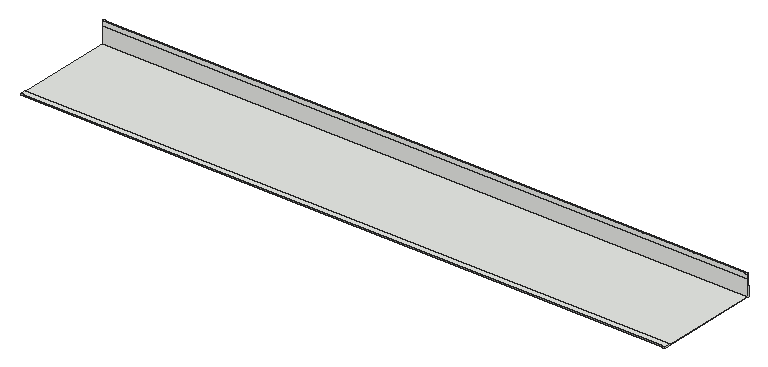
Revit family "PR888", category Mechanical Equipment, Revit 2018
Family settings
  Round Connector Dimension = Use Diameter
  Part Type = Normal
  OmniClass Number = 23.75.00.00
  OmniClass Title = Climate Control (HVAC)
  Work Plane-Based = No
  Always vertical = Yes
  Cut with Voids When Loaded = No
  Shared = No
  Room Calculation Point = No
Parameters (values of type "ISOLAMIN PR888 flashing")
  URL = "http://www.isolamin.se/"
  Thickness = "0.7 mm (Different thicknesses are available on request) \r\n0.7 mm (Different thicknesses are available on request) \r\n0.7 mm (Different thicknesses are available on request)"
  Profile Length = 1180 mm
  Model = "PR888"
  Material = "Galvanized Steel"
  Manufacturer = "ISOLAMIN AB"
  Edition = "1.0 (2018)"
Reference planes
  plane 1 "Center (Front/Back)": y = 0
  plane 2: z = 0
  plane 3 "Center (Left/Right)": x = 0
  plane 4: y = -1284.913
  plane 5: x = 1180
Forms (mm)
  Extrusion 1, solid, material "ISOLAMIN Surface Profile Material"
    sketch origin (0, 0, 0) x (0, 1, 0) y (0, 0, 1)
      loop
        line (-2, 39.256) -> (-2, 30.7) -> (-1, 30.7) -> (-1, 1) -> (-180, 1) -> (-180, 2) -> (-189.256, 2)
        arc (-189.256, 2) -> (-190, 1) -> (-189.256, 0) r 1.044
        line (-189.256, 0) -> (-0.7, 0)
        arc (-0.7, 0) -> (-0.205, 0.205) -> (0, 0.7) r 0.7
        line (0, 0.7) -> (0, 39.256)
        arc (0, 39.256) -> (-1, 40) -> (-2, 39.256) r 1.044
    from 0 to 1180
Dimensions and locks
  "Profile Length": plane 3 "Center (Left/Right)" to plane 5
  aligned and locked: level to plane 2
  aligned and locked: plane 5 to Extrusion 1
Automatic sketch dimensions
  Extrusion 1 sketch curve to level = 0 mm
  Extrusion 1 sketch curve to plane 1 "Center (Front/Back)" = 0 mm
  level to Extrusion 1 sketch curve = 0.7 mm
  Extrusion 1 sketch curve to Extrusion 1 sketch curve = 0.3 mm  (x3)
  plane 1 "Center (Front/Back)" to Extrusion 1 sketch curve = 1 mm
  Extrusion 1 sketch curve to Extrusion 1 sketch curve = 1 mm  (x2)
  level to Extrusion 1 sketch curve = 2 mm
  Extrusion 1 sketch curve to Extrusion 1 sketch curve = 179 mm
  level to Extrusion 1 sketch curve = 1 mm
  Extrusion 1 sketch curve to Extrusion 1 sketch curve = 8.956 mm
  Extrusion 1 sketch curve to Extrusion 1 sketch curve = 29.7 mm
  Extrusion 1 sketch curve to Extrusion 1 sketch curve = 8.256 mm
